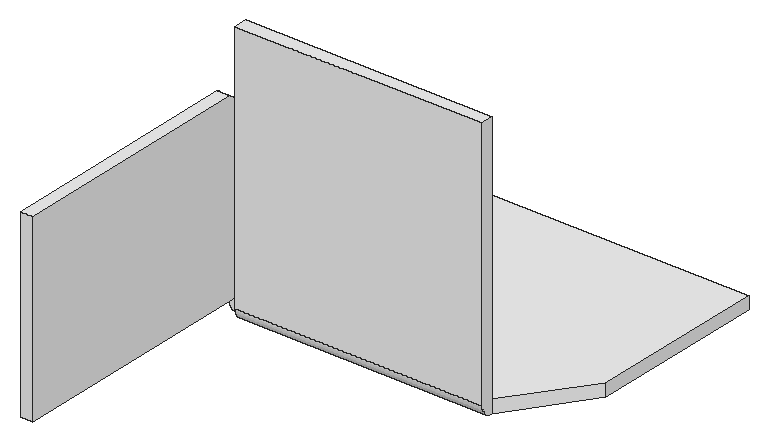
Revit family "JOMA_Universalbeslag 100 & 130 Vänster", category Structural Connections, host Face, Revit 2012
Parameters (values of type "8880100V")
  h4 = 2.500 mm
  h3 = 17.350 mm
  h = 100.000 mm
  d3 = 2.500 mm
  d2 = 39.340 mm
  h2 = 52.000 mm
  d = 51.840 mm
  b2 = 49.100 mm
  b = 59.500 mm
  Vikt = "0,15"
  Typ 130 Spikmönster [instance] = and(Typ 130, Spikmönster)  # no
  Typ 130 = not(Typ 100)  # no
  Typ 100 Spikmönster [instance] = and(Typ 100, Spikmönster)  # no
  Typ 100 = yes
  Spikmönster [instance] = no
  Material = Varmförzinkad stålplåt
  Länk Joma Dimensioneringsverktyg = "http://www.joma.se/dimensioneringsverktyg"
  Default Elevation = 0.000 mm
Types (3, lengths in mm): name | h4 | h3 | h | d3 | d2 | h2 | d | b2 | b | Vikt | Typ 130 | Typ 100
  (no name) | 2.500 | 17.350 | 100.000 | 2.500 | 39.340 | 52.000 | 51.840 | 49.100 | 59.500 | "0,15" | no | yes
  8880100V | 2.500 | 17.350 | 100.000 | 2.500 | 39.340 | 52.000 | 51.840 | 49.100 | 59.500 | "0,15" | no | yes
  8880130V | 10.300 | 21.000 | 130.000 | 10.060 | 61.560 | 73.500 | 60.340 | 50.000 | 59.000 | "0,23" | yes | no
Reference planes
  plane 1 "Center (Front/Back)": y = 0
  plane 2: z = 0
  plane 3 "Center (Left/Right)": x = 0
  plane 4: x = 59.5
  plane 5: z = 51.84
  plane 6: x = -2.5
  plane 7: x = 49.1
  plane 8: y = 52
  plane 9: y = -48
  plane 10: y = 2.5
  plane 11: y = 17.35
  plane 12: x = 1
  plane 13: z = 2.5
  plane 14: z = 3.5
  plane 15: z = 39.34
  plane 16: z = 2.5
  plane 17: y = 2.5
Forms (mm)
  Extrusion 1, solid, material "Varmförzinkad stålplåt" <- "Material"
    sketch origin (0, 0, 0) x (0, -1, 0) y (0, 0, -1)
      loop
        line (0, -51.84) -> (0, -2.5)
        arc (0, -2.5) -> (-0.732, -0.732) -> (-2.5, 0) r 2.5
        line (-2.5, 0) -> (-52, 0) -> (-52, -2.5) -> (-2.5, -2.5) -> (-2.5, -51.84) -> (0, -51.84)
    from 0 to 59.5
  Extrusion 2, solid, material "Varmförzinkad stålplåt" <- "Material"
    sketch origin (0, 0, 0) x (1, 0, 0) y (0, 0, 1)
      loop
        line (-2.5, 39.34) -> (-2.5, 0) -> (0, 0) -> (0, 39.34) -> (-2.5, 39.34)
    from -52 to 48
  Extrusion 3, void
    sketch origin (0, 0, 0) x (1, 0, 0) y (0, 0, 1)
      loop
        line (49.1, 51.84) -> (49.1, 2.5) -> (59.5, 2.5) -> (59.5, 51.84) -> (49.1, 51.84)
    from -2.5 to 0
  Extrusion 4, void
    sketch origin (0, 0, 0) x (1, 0, 0) y (0, 0, 1)
      loop
        line (1, 51.84) -> (0, 51.84) -> (0, 0) -> (1, 0) -> (1, 51.84)
    from -2.5 to 0
  Extrusion 5, void
    sketch origin (0, 0, 0) x (1, 0, 0) y (0, 0, 1)
      loop
        arc (0, 0) -> (-1.768, 0.732) -> (-2.5, 2.5) r 2.5
        line (-2.5, 2.5) -> (-2.5, 0) -> (0, 0)
    from -52 to -2.5
  Extrusion 6, void
    sketch origin (0, 0, 0) x (1, 0, 0) y (0, 0, 1)
      loop
        line (-2.5, 3.5) -> (-2.5, 0) -> (0, 0) -> (0, 3.5) -> (-2.5, 3.5)
    from -2.5 to 48
  Extrusion 7, void
    sketch origin (0, 0, 0) x (0, 1, 0) y (0, 0, 1)
      loop
        line (52, 2.5) -> (52, 39.34) -> (0, 39.34) -> (52, 2.5)
    from -2.5 to 0
  Extrusion 8, void
    sketch origin (0, 0, 0) x (1, 0, 0) y (0, 1, 0)
      loop
        line (49.1, 0) -> (59.5, 0) -> (59.5, 17.35) -> (49.1, 2.5) -> (49.1, 0)
    from 0 to 2.5
Cuts and joins
  Extrusion 3, Extrusion 4, Extrusion 6, Extrusion 7, Extrusion 8 cuts Extrusion 1
  Extrusion 4, Extrusion 5, Extrusion 6, Extrusion 7 cuts Extrusion 2
  joined: Extrusion 1, Extrusion 2
Lines and regions (mm)
  symbolic lines, visible <- "Typ 100", not visible
    curve 1: circle (-51.5, 44.5, 0) r 2.5 normal (0, 0, 1)
    curve 2: circle (-31.5, 34.5, 0) r 2.5 normal (0, 0, 1)
    curve 3: circle (-11.5, 44.5, 0) r 2.5 normal (0, 0, 1)
    curve 4: circle (-51.5, 24.5, 0) r 2.5 normal (0, 0, 1)
    curve 5: circle (-11.5, 24.5, 0) r 2.5 normal (0, 0, 1)
    curve 27: circle (-41.1, 0, 14.5) r 2.5 normal (0, -1, 0)
    curve 28: circle (-31.1, 0, 34.5) r 2.5 normal (0, -1, 0)
    curve 29: circle (-21.1, 0, 14.5) r 2.5 normal (0, -1, 0)
    curve 43: circle (0, -30.5, 31.34) r 2.5 normal (1, 0, 0)
    curve 44: circle (0, -40.5, 11.34) r 2.5 normal (1, 0, 0)
    curve 45: circle (0, -20.5, 11.34) r 2.5 normal (1, 0, 0)
  symbolic lines, visible <- "Typ 130", not visible
    curve 6: circle (-51.5, 63.5, 0) r 2.5 normal (0, 0, 1)
    curve 7: circle (-11.5, 63.5, 0) r 2.5 normal (0, 0, 1)
    curve 8: circle (-51.5, 43.5, 0) r 2.5 normal (0, 0, 1)
    curve 9: circle (-11.5, 43.5, 0) r 2.5 normal (0, 0, 1)
    curve 10: circle (-51.5, 23.5, 0) r 2.5 normal (0, 0, 1)
    curve 11: circle (-11.5, 23.5, 0) r 2.5 normal (0, 0, 1)
    curve 12: circle (-31.5, 53.5, 0) r 2.5 normal (0, 0, 1)
    curve 13: circle (-31.5, 33.5, 0) r 2.5 normal (0, 0, 1)
    curve 30: circle (-37.5, 0, 54.34) r 2.5 normal (0, -1, 0)
    curve 31: circle (-17.5, 0, 54.34) r 2.5 normal (0, -1, 0)
    curve 32: circle (-37.5, 0, 14.34) r 2.5 normal (0, -1, 0)
    curve 33: circle (-17.5, 0, 14.34) r 2.5 normal (0, -1, 0)
    curve 34: circle (-27.5, 0, 34.34) r 2.5 normal (0, -1, 0)
    curve 46: circle (0, -48.5, 53.06) r 2.5 normal (1, 0, 0)
    curve 47: circle (0, -20.5, 53.06) r 2.5 normal (1, 0, 0)
    curve 48: circle (0, -34.5, 32.06) r 2.5 normal (1, 0, 0)
    curve 49: circle (0, -48.5, 11.06) r 2.5 normal (1, 0, 0)
    curve 50: circle (0, -20.5, 11.06) r 2.5 normal (1, 0, 0)
  symbolic lines, visible <- "Typ 100"
    curve 14: circle (51.5, 44.5, 0) r 2.5 normal (0, 0, -1)
    curve 15: circle (31.5, 34.5, 0) r 2.5 normal (0, 0, -1)
    curve 16: circle (11.5, 44.5, 0) r 2.5 normal (0, 0, -1)
    curve 17: circle (51.5, 24.5, 0) r 2.5 normal (0, 0, -1)
    curve 18: circle (11.5, 24.5, 0) r 2.5 normal (0, 0, -1)
    curve 35: circle (0, -30.5, 31.34) r 2.5 normal (1, 0, 0)
    curve 36: circle (0, -40.5, 11.34) r 2.5 normal (1, 0, 0)
    curve 37: circle (0, -20.5, 11.34) r 2.5 normal (1, 0, 0)
    curve 51: circle (41.1, 0, 14.5) r 2.5 normal (0, 1, 0)
    curve 52: circle (31.1, 0, 34.5) r 2.5 normal (0, 1, 0)
    curve 53: circle (21.1, 0, 14.5) r 2.5 normal (0, 1, 0)
  symbolic lines, visible <- "Typ 130"
    curve 19: circle (51.5, 63.5, 0) r 2.5 normal (0, 0, -1)
    curve 20: circle (11.5, 63.5, 0) r 2.5 normal (0, 0, -1)
    curve 21: circle (51.5, 43.5, 0) r 2.5 normal (0, 0, -1)
    curve 22: circle (11.5, 43.5, 0) r 2.5 normal (0, 0, -1)
    curve 23: circle (51.5, 23.5, 0) r 2.5 normal (0, 0, -1)
    curve 24: circle (11.5, 23.5, 0) r 2.5 normal (0, 0, -1)
    curve 25: circle (31.5, 53.5, 0) r 2.5 normal (0, 0, -1)
    curve 26: circle (31.5, 33.5, 0) r 2.5 normal (0, 0, -1)
    curve 38: circle (0, -48.5, 53.06) r 2.5 normal (1, 0, 0)
    curve 39: circle (0, -20.5, 53.06) r 2.5 normal (1, 0, 0)
    curve 40: circle (0, -34.5, 32.06) r 2.5 normal (1, 0, 0)
    curve 41: circle (0, -48.5, 11.06) r 2.5 normal (1, 0, 0)
    curve 42: circle (0, -20.5, 11.06) r 2.5 normal (1, 0, 0)
    curve 54: circle (37.5, 0, 54.34) r 2.5 normal (0, 1, 0)
    curve 55: circle (17.5, 0, 54.34) r 2.5 normal (0, 1, 0)
    curve 56: circle (37.5, 0, 14.34) r 2.5 normal (0, 1, 0)
    curve 57: circle (17.5, 0, 14.34) r 2.5 normal (0, 1, 0)
    curve 58: circle (27.5, 0, 34.34) r 2.5 normal (0, 1, 0)
Text (mm)
  text "A" at (0, -112.838, 182.477), in view "Left"
  text "B" at (114.445, 305.962, 0), in view "Ref. Level"
  text "C" at (111.351, 0, 170.137), in view "Front"
Dimensions and locks
  plane 3 "Center (Left/Right)" to plane 6 = 2.500 mm
  "h2": plane 1 "Center (Front/Back)" to plane 8
  "h": plane 8 to plane 9
  plane 1 "Center (Front/Back)" to plane 10 = 2.500 mm
  plane 3 "Center (Left/Right)" to plane 12 = 1.000 mm  (x2)
  plane 13 to host face = 2.500 mm
  plane 14 to plane 13 = 1.000 mm
  "h3": plane 1 "Center (Front/Back)" to plane 11
  "h4": plane 1 "Center (Front/Back)" to plane 17
  "b": plane 3 "Center (Left/Right)" to plane 4
  "b2": plane 3 "Center (Left/Right)" to plane 7
  "d2": plane 15 to host face
  "d3": plane 16 to host face
  "d": plane 5 to host face
  plane 6 to plane 3 "Center (Left/Right)" = 2.500 mm
  aligned and locked: plane 2 to host face
  aligned and locked: level to host face
  aligned and locked: plane 8 to Extrusion 1
  aligned and locked: plane 8 to Extrusion 2
  aligned and locked: plane 9 to Extrusion 2
  aligned and locked: plane 10 to Extrusion 1
  aligned and locked: plane 5 to Extrusion 4 sketch curve
  aligned and locked: Extrusion 4 sketch curve to plane 12
  aligned and locked: Extrusion 4 sketch curve to Extrusion 2
  aligned and locked: plane 5 to Extrusion 4
  aligned and locked: Extrusion 4 to plane 3 "Center (Left/Right)"
  aligned and locked: Extrusion 4 to level
  aligned and locked: Extrusion 4 to plane 12
  aligned and locked: Extrusion 5 to plane 6
  aligned and locked: Extrusion 5 to level
  aligned and locked: Extrusion 6 to level
  aligned and locked: Extrusion 6 to plane 9
  aligned and locked: plane 14 to Extrusion 6
  aligned and locked: Extrusion 6 to Extrusion 1
  aligned and locked: Extrusion 3 to Extrusion 1  (x2)
  aligned and locked: plane 4 to Extrusion 3
  aligned and locked: plane 1 "Center (Front/Back)" to Extrusion 3
  aligned and locked: Extrusion 3 to plane 7
  aligned and locked: Extrusion 1 to Extrusion 4
  aligned and locked: plane 1 "Center (Front/Back)" to Extrusion 4
  aligned and locked: plane 15 to Extrusion 2
  aligned and locked: Extrusion 7 to plane 6
  aligned and locked: Extrusion 7 to Extrusion 2
  aligned and locked: plane 3 "Center (Left/Right)" to Extrusion 7
  aligned and locked: plane 4 to Extrusion 8
  aligned and locked: Extrusion 8 to plane 7
  aligned and locked: Extrusion 8 to cut or joined group 1 (Extrusion 1, Extrusion 2, Extrusion 3, Extrusion 4, Extrusion 5, Extrusion 6, Extrusion 7, Extrusion 8)
  aligned and locked: cut or joined group 1 to Extrusion 8
  aligned and locked: Extrusion 5 to Extrusion 1  (x2)
  aligned and locked: Extrusion 5 to plane 2
  aligned and locked: plane 1 "Center (Front/Back)" to Extrusion 8
Automatic sketch dimensions
  host sketch curve to host sketch curve = 2438.400 mm  (x2)
  Extrusion 1 sketch curve to plane 8 = 0.000 mm
  Extrusion 1 sketch curve to level = 0.000 mm
  Extrusion 1 sketch curve to plane 10 = 0.000 mm
  Extrusion 1 sketch curve to plane 1 "Center (Front/Back)" = 0.000 mm
  Extrusion 1 sketch curve to plane 5 = 0.000 mm
  Extrusion 1 sketch curve to plane 13 = 0.000 mm
  plane 10 to Extrusion 1 sketch curve = 0.000 mm
  Extrusion 2 sketch curve to plane 6 = 0.000 mm
  Extrusion 2 sketch curve to level = 0.000 mm
  Extrusion 2 sketch curve to plane 3 "Center (Left/Right)" = 0.000 mm
  Extrusion 2 sketch curve to plane 15 = 0.000 mm
  Extrusion 3 sketch curve to plane 7 = 0.000 mm
  Extrusion 3 sketch curve to plane 4 = 0.000 mm
  Extrusion 3 sketch curve to plane 13 = 0.000 mm
  Extrusion 3 sketch curve to plane 5 = 0.000 mm
  Extrusion 4 sketch curve to level = 0.000 mm
  Extrusion 5 sketch curve to level = 0.000 mm
  Extrusion 5 sketch curve to plane 6 = 0.000 mm
  plane 3 "Center (Left/Right)" to Extrusion 5 sketch curve = 0.000 mm
  Extrusion 6 sketch curve to level = 0.000 mm
  Extrusion 6 sketch curve to plane 6 = 0.000 mm
  Extrusion 6 sketch curve to plane 3 "Center (Left/Right)" = 0.000 mm
  Extrusion 6 sketch curve to plane 14 = 0.000 mm
  Extrusion 7 sketch curve to plane 1 "Center (Front/Back)" = 0.000 mm
  Extrusion 7 sketch curve to plane 8 = 0.000 mm
  Extrusion 7 sketch curve to plane 16 = 0.000 mm
  Extrusion 7 sketch curve to plane 15 = 0.000 mm
  Extrusion 8 sketch curve to plane 7 = 0.000 mm
  plane 1 "Center (Front/Back)" to Extrusion 8 sketch curve = 0.000 mm
  Extrusion 8 sketch curve to plane 4 = 0.000 mm
  Extrusion 8 sketch curve to plane 17 = 0.000 mm
  Extrusion 8 sketch curve to plane 11 = 0.000 mm
Nested families
  nested 1: "Spikmönster" at (-51.5, 44.5, 0) x (-1, 0, 0) z (0, 0, 1), visible <- "Typ 100 Spikmönster", type "Ø5", not visible
  nested 2: "Spikmönster" at (-31.5, 34.5, 0) x (-1, 0, 0) z (0, 0, 1), visible <- "Typ 100 Spikmönster", type "Ø5", not visible
  nested 3: "Spikmönster" at (-11.5, 44.5, 0) x (-1, 0, 0) z (0, 0, 1), visible <- "Typ 100 Spikmönster", type "Ø5", not visible
  nested 4: "Spikmönster" at (-51.5, 63.5, 0) x (-1, 0, 0) z (0, 0, 1), visible <- "Typ 130 Spikmönster", type "Ø5", not visible
  nested 5: "Spikmönster" at (-51.5, 43.5, 0) x (-1, 0, 0) z (0, 0, 1), visible <- "Typ 130 Spikmönster", type "Ø5", not visible
  nested 6: "Spikmönster" at (-11.5, 43.5, 0) x (-1, 0, 0) z (0, 0, 1), visible <- "Typ 130 Spikmönster", type "Ø5", not visible
  nested 7: "Spikmönster" at (-11.5, 63.5, 0) x (-1, 0, 0) z (0, 0, 1), visible <- "Typ 130 Spikmönster", type "Ø5", not visible
  nested 8: "Spikmönster" at (51.5, 44.5, 0), visible <- "Typ 100 Spikmönster", type "Ø5"
  nested 9: "Spikmönster" at (31.5, 34.5, 0), visible <- "Typ 100 Spikmönster", type "Ø5"
  nested 10: "Spikmönster" at (11.5, 44.5, 0), visible <- "Typ 100 Spikmönster", type "Ø5"
  nested 11: "Spikmönster" at (51.5, 63.5, 0), visible <- "Typ 130 Spikmönster", type "Ø5"
  nested 12: "Spikmönster" at (51.5, 43.5, 0), visible <- "Typ 130 Spikmönster", type "Ø5"
  nested 13: "Spikmönster" at (11.5, 43.5, 0), visible <- "Typ 130 Spikmönster", type "Ø5"
  nested 14: "Spikmönster" at (11.5, 63.5, 0), visible <- "Typ 130 Spikmönster", type "Ø5"
  nested 15: "Spikmönster" at (0, -30.5, 31.34) x (0, -1, 0) z (1, 0, 0), visible <- "Typ 100 Spikmönster", type "Ø5"
  nested 16: "Spikmönster" at (0, -40.5, 11.34) x (0, -1, 0) z (1, 0, 0), visible <- "Typ 100 Spikmönster", type "Ø5"
  nested 17: "Spikmönster" at (0, -48.5, 53.06) x (0, -1, 0) z (1, 0, 0), visible <- "Typ 130 Spikmönster", type "Ø5"
  nested 18: "Spikmönster" at (0, -48.5, 11.06) x (0, -1, 0) z (1, 0, 0), visible <- "Typ 130 Spikmönster", type "Ø5"
  nested 19: "Spikmönster" at (0, -34.5, 32.06) x (0, -1, 0) z (1, 0, 0), visible <- "Typ 130 Spikmönster", type "Ø5"
  nested 20: "Spikmönster" at (0, -30.5, 31.34) x (0, -1, 0) z (1, 0, 0), visible <- "Typ 100 Spikmönster", type "Ø5", not visible
  nested 21: "Spikmönster" at (0, -40.5, 11.34) x (0, -1, 0) z (1, 0, 0), visible <- "Typ 100 Spikmönster", type "Ø5", not visible
  nested 22: "Spikmönster" at (0, -48.5, 53.06) x (0, -1, 0) z (1, 0, 0), visible <- "Typ 130 Spikmönster", type "Ø5", not visible
  nested 23: "Spikmönster" at (0, -48.5, 11.06) x (0, -1, 0) z (1, 0, 0), visible <- "Typ 130 Spikmönster", type "Ø5", not visible
  nested 24: "Spikmönster" at (0, -34.5, 32.06) x (0, -1, 0) z (1, 0, 0), visible <- "Typ 130 Spikmönster", type "Ø5", not visible
Definition of nested family "Spikmönster"
  Parameters (values of type "Ø11")
    Radie = 5.500 mm
  Types (3, lengths in mm): name | Radie
    (no name) | 5.500
    Ø5 | 2.500
    Ø11 | 5.500
  Reference planes
    plane 1 "Center (Front/Back)": y = 0
    plane 2: z = 0
    plane 3 "Center (Left/Right)": x = 0
  Lines and regions (mm)
    Filled region 1, type "Solid Fill - Black", in view "Ref. Level"
      outline origin (0, 0, 0) x (1, 0, 0) y (0, 1, 0)
        loop
          circle (0, 0) r 5.5
  Dimensions and locks
    "Radie": radius of Filled region 1 sketch curve
  Automatic sketch dimensions
    plane 1 "Center (Front/Back)" to Filled region 1 sketch curve = 0.000 mm
    Filled region 1 sketch curve to plane 3 "Center (Left/Right)" = 0.000 mm
